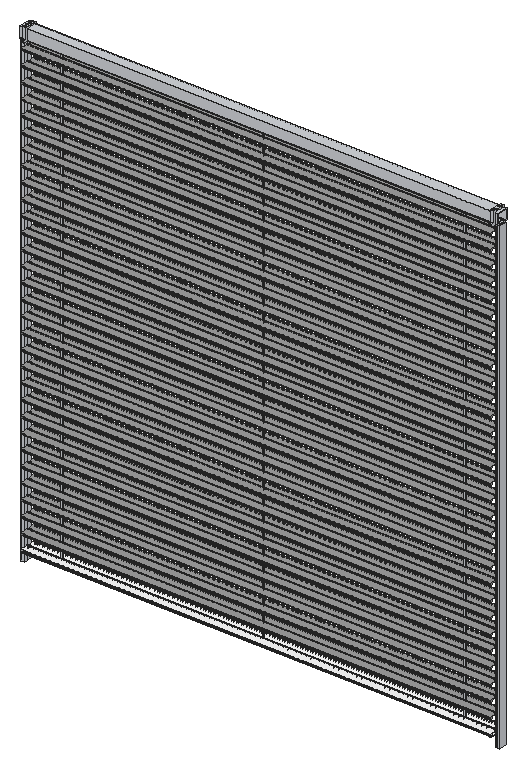
Revit family "Zline 90", category Modèles génériques, Revit 2020
Family settings
  Peut héberger une armature = Oui
  Cote de connecteur circulaire = Utiliser le diamètre
  Type d'élément = Normal
  Basée sur le plan de construction = Non
  Toujours verticalement = Oui
  Couper avec des vides une fois chargée = Non
  Partagée = Non
  Point de calcul de pièce = Non
Parameters
  inclinaison lame finale = 0.00°  # constant formula
  distance lame = if(Plié, 4 mm, 78 mm)  # 78 mm
  Plié = no
  Nombre ruban = if(and(Longueur_rail > 550 mm, Longueur_rail < 1400 mm), 2, if(and(Longueur_rail > 1401 mm, Longueur_rail < 2600 mm), 3, if(and(Longueur_rail > 2601 mm, Longueur_rail < 3800 mm), 4, if(and(Longueur_rail > 3801 mm, Longueur_rail < 4500 mm), 5, 5))))  # 3
  Nombre lame = roundup((Hauteur_coulisse - 50 mm) / 78 mm) - 1  # 30
  Nombre d'étrier = if(and(Longueur_rail > 550 mm, Longueur_rail < 1400 mm), 2, if(and(Longueur_rail > 1401 mm, Longueur_rail < 2600 mm), 3, if(and(Longueur_rail > 2601 mm, Longueur_rail < 3800 mm), 4, if(and(Longueur_rail > 3801 mm, Longueur_rail < 4500 mm), 5, 5))))  # 3
  Materiau = Aluminium
  Longueur_totale = if(and(Longueur souhaitée < Longueur mini), Longueur mini, if(and(Longueur souhaitée > Longueur Maxi), Longueur Maxi, Longueur souhaitée))  # 2500 mm
  Longueur_rail = (Longueur_totale - 10 mm)  # 2490 mm
  Longueur souhaitée = 2500 mm
  Longueur mini = 580 mm
  Longueur lame = (Longueur_totale - 50 mm)  # 2450 mm
  Longueur Maxi = 5000 mm
  Lame 90 = no
  Lame 45 = no
  Lame 0 = no
  Inclinaison lames = if(and(Lame 0), 82.00°, if(and(Lame 45), 45.00°, if(and(Lame 90), 0.00°, 0.00°)))  # 0.00°
  Hauteur_rail = (57 mm)  # 57 mm
  Hauteur_coulisse = (Hauteur_totale - 61 mm)  # 2439 mm
  Hauteur souhaitée = 2500 mm
  Hauteur ruban = if(Plié, 73 mm + (Nombre lame * 4 mm), (Hauteur_coulisse + 37 mm) - Distance lame finale)  # 2413 mm
  Hauteur mini = 500 mm  # constant formula
  Hauteur Maxi = 4500 mm  # constant formula
  Elévation par défaut = 0 mm
  Distance étrier = ((Longueur_rail - (248 mm * 2)) / (Nombre d'étrier - 1))  # 997 mm
  Hauteur_totale = if(and(Hauteur souhaitée < Hauteur mini), Hauteur mini, if(and(Hauteur souhaitée > Hauteur Maxi), Hauteur Maxi, Hauteur souhaitée))  # 2500 mm
  Distance ruban = ((Longueur lame - (175 mm * 2)) / (Nombre ruban - 1))  # 1050 mm
  Distance lame finale = if(and(Plié), Hauteur_coulisse - 36 mm - (Nombre lame * 4 mm), Hauteur_coulisse - 36 mm - (Nombre lame * 78 mm))  # 63 mm
Reference planes
  plane 1 "Centre (avant/arrière)": y = 0
  plane 2: z = 0
  plane 3 "Centre (gauche/droite)": x = 0
  plane 4: x = -1250
  plane 5: x = 1250
  plane 6: x = 1230
  plane 7: x = -1230
  plane 8: x = -1245
  plane 9: x = 1245
  plane 10: z = 2500
  plane 11: z = 2443
  plane 12: y = -29
  plane 13: y = 29
  plane 14: y = -80
  plane 15: y = 80
  plane 16: y = -20
  plane 17: y = 20
  plane 18: y = 20
  plane 19: y = -20
  plane 20: z = 2407
  plane 21: x = 1225
  plane 22: x = -1225
  plane 23: z = 2329
  plane 24: z = 63
  plane 25: z = 2480
  plane 26: x = -1050
  plane 27: x = 0
  plane 28: z = 67
  plane 29: x = 1250
  plane 30: x = -1250
  plane 31: z = 2500
Forms (mm)
  Sweep 1, solid
    path origin (0, 0, 0) x (1, 0, 0) y (0, 0, 1)
      loop
        line (1250, 0) -> (1250, 2439)
    profile origin (1250, 0, 1219.5) x (-1, 0, 0) y (0, -1, 0)
      loop
        line (18.5, -8.9) -> (18.5, -18.5) -> (15, -18.5)
        arc (15, -18.5) -> (14.25, -19.25) -> (15, -20) r 0.75
        line (15, -20) -> (20, -20) -> (20, -4.9) -> (15, -4.9) -> (15, -7.5) -> (1.5, -7.5) -> (1.5, 7.5) -> (15, 7.5) -> (15, 4.9) -> (20, 4.9) -> (20, 20) -> (0, 20) -> (0, -20) -> (5, -20)
        arc (5, -20) -> (5.75, -19.25) -> (5, -18.5) r 0.75
        line (5, -18.5) -> (1.5, -18.5) -> (1.5, -8.9) -> (18.5, -8.9)
      loop
        line (1.5, 8.9) -> (18.5, 8.9) -> (18.5, 18.5) -> (1.5, 18.5) -> (1.5, 8.9)
  Sweep 2, solid
    path origin (0, 0, 0) x (-1, 0, 0) y (0, 0, 1)
      loop
        line (1250, 0) -> (1250, 2439)
    profile origin (-1250, 0, 1219.5) x (-1, 0, 0) y (0, -1, 0)
      loop
        line (0, 20) -> (-20, 20) -> (-20, 4.9) -> (-15, 4.9) -> (-15, 7.5) -> (-1.4, 7.5) -> (-1.4, -7.5) -> (-15, -7.5) -> (-15, -4.9) -> (-20, -4.9) -> (-20, -20) -> (0, -20) -> (0, 20)
      loop
        line (-18.5, -8.9) -> (-18.5, -18.5) -> (-1.4, -18.5) -> (-1.4, -8.9) -> (-18.5, -8.9)
      loop
        line (-1.4, 8.9) -> (-1.4, 18.5) -> (-18.5, 18.5) -> (-18.5, 8.9) -> (-1.4, 8.9)
  Sweep 3, solid
    path origin (0, 0, 0) x (1, 0, 0) y (0, 0, 1)
      loop
        line (-1245, 2500) -> (1245, 2500)
    profile origin (0, 0, 2500) x (0, 0, 1) y (0, -1, 0)
      loop
        line (0, 29) -> (-54.4, 29)
        arc (-54.4, 29) -> (-56.238, 28.238) -> (-57, 26.4) r 2.6
        line (-57, 26.4) -> (-57, 25.5)
        arc (-57, 25.5) -> (-55.887, 22.813) -> (-53.2, 21.7) r 3.8
        line (-53.2, 21.7) -> (-50.3, 21.7) -> (-50.3, 22.7) -> (-53.2, 22.7)
        arc (-53.2, 22.7) -> (-55.18, 23.52) -> (-56, 25.5) r 2.8
        line (-56, 25.5) -> (-56, 26.4)
        arc (-56, 26.4) -> (-55.531, 27.531) -> (-54.4, 28) r 1.6
        line (-54.4, 28) -> (-1, 28) -> (-1, -28) -> (-54.4, -28)
        arc (-54.4, -28) -> (-55.531, -27.531) -> (-56, -26.4) r 1.6
        line (-56, -26.4) -> (-56, -25.5)
        arc (-56, -25.5) -> (-55.18, -23.52) -> (-53.2, -22.7) r 2.8
        line (-53.2, -22.7) -> (-50.3, -22.7) -> (-50.3, -21.7) -> (-53.2, -21.7)
        arc (-53.2, -21.7) -> (-55.887, -22.813) -> (-57, -25.5) r 3.8
        line (-57, -25.5) -> (-57, -26.4)
        arc (-57, -26.4) -> (-56.238, -28.238) -> (-54.4, -29) r 2.6
        line (-54.4, -29) -> (0, -29) -> (0, 29)
Dimensions and locks
  equal spacing: plane 5, plane 3 "Centre (gauche/droite)", plane 4
  "Longueur_totale": plane 5 to plane 4
  plane 7 to plane 4 = 20 mm
  plane 5 to plane 6 = 20 mm
  "Hauteur_coulisse": Sweep 1 sketch curve to Sweep 1 sketch curve
  "Hauteur_coulisse": Sweep 2 sketch curve to Sweep 2 sketch curve
  "Hauteur_totale": plane 10 to level
  "Hauteur_rail": plane 10 to plane 11
  equal spacing: plane 9, plane 3 "Centre (gauche/droite)", plane 8
  "Longueur_rail": plane 9 to plane 8
  plane 14 to plane 15 = 160 mm
  locked: plane 14 to plane 15 at 160
  locked: plane 11 to plane 20 at 36
  equal spacing: plane 21, plane 3 "Centre (gauche/droite)", plane 22
  "Longueur lame": plane 21 to plane 22
  equal spacing: group 1, group 2, group 3, group 4, group 7, group 8, group 9, group 10, group 11, group 12, group 13, group 14, group 15, group 16, group 17, group 18, group 19, group 20, group 21, group 22, group 23, group 24, group 25, group 26, group 27, group 28, group 29, group 30, group 31, group 32  (x2)
  equal spacing: group 32, group 31, group 30, group 29, group 28, group 27, group 26, group 25, group 24, group 23, group 22, group 21, group 20, group 19, group 18, group 17, group 16, group 15, group 14, group 13, group 12, group 11, group 10, group 9, group 8, group 7, group 4, group 3, group 2, group 1
  "distance lame": plane 20 to plane 23
  "Distance lame finale": plane 24 to level
  "Distance ruban": plane 27 to plane 26
  locked: plane 26 to plane 22 at 175
  locked: plane 10 to plane 25 at 20
  "Hauteur ruban": plane 25 to plane 28
  equal spacing: group 5, group 6, group 33  (x3)
  equal spacing: plane 29, plane 3 "Centre (gauche/droite)", plane 30
  "Longueur souhaitée": plane 29 to plane 30
  "Hauteur souhaitée": plane 31 to level
  aligned and locked: level to plane 2
  aligned and locked: plane 5 to Sweep 1 sketch curve
  aligned and locked: Sweep 1 sketch curve to plane 6
  aligned and locked: plane 6 to Sweep 1 sketch curve
  aligned and locked: profile plane to Sweep 2 sketch curve
  aligned and locked: Sweep 2 sketch curve to plane 7
  aligned and locked: plane 7 to Sweep 2 sketch curve
  aligned and locked: Sweep 3 sketch curve to plane 10  (x2)
  aligned and locked: Sweep 3 sketch curve to plane 13
  aligned and locked: plane 12 to Sweep 3 sketch curve
  aligned and locked: plane 11 to Sweep 3 sketch curve
  aligned and locked: Sweep 3 sketch curve to plane 11
  aligned and locked: Sweep 1 sketch curve to plane 17  (x2)
  aligned and locked: profile plane to Sweep 1 sketch curve
  aligned and locked: Sweep 1 sketch curve to plane 16
  aligned and locked: Sweep 2 sketch curve to plane 19
  aligned and locked: Sweep 2 sketch curve to plane 18
  aligned and locked: nested 1 to plane 10
  aligned and locked: plane 9 to nested 1
  aligned and locked: plane 8 to nested 2
  aligned and locked: plane 20 to nested 3
  aligned and locked: nested 3 to plane 22
  aligned and locked: plane 23 to nested 4
  aligned and locked: plane 10 to nested 2
  aligned and locked: nested 7 to plane 22
  aligned and locked: plane 21 to nested 7
  aligned and locked: nested 7 to plane 24
  aligned and locked: plane 26 to nested 8
  aligned and locked: plane 25 to nested 8
  aligned and locked: plane 28 to nested 8
  aligned and locked: plane 27 to nested 9
  aligned and locked: plane 25 to nested 9
  aligned and locked: plane 28 to nested 9
Automatic sketch dimensions
  Sweep 2 sketch curve to plane 1 "Centre (avant/arrière)" = 4.9 mm
  Sweep 2 sketch curve to Sweep 2 sketch curve = 0 mm  (x2)
  Sweep 2 sketch curve to Sweep 2 sketch curve = 5 mm
  Sweep 2 sketch curve to Sweep 2 sketch curve = 2.6 mm
  plane 1 "Centre (avant/arrière)" to Sweep 2 sketch curve = 4.9 mm
  plane 1 "Centre (avant/arrière)" to Sweep 2 sketch curve = 7.5 mm
  Sweep 2 sketch curve to Sweep 2 sketch curve = 4 mm  (x2)
  Sweep 3 sketch curve to plane 8 = 0 mm
  Sweep 3 sketch curve to plane 9 = 0 mm
  Sweep 3 sketch curve to Sweep 3 sketch curve = 0 mm  (x8)
  Sweep 3 sketch curve to Sweep 3 sketch curve = 1 mm  (x2)
  Sweep 3 sketch curve to Sweep 3 sketch curve = 1.6 mm
  Sweep 3 sketch curve to Sweep 3 sketch curve = 2.6 mm
  Sweep 3 sketch curve to Sweep 3 sketch curve = 2.8 mm
  Sweep 3 sketch curve to Sweep 3 sketch curve = 1.2 mm
  Sweep 3 sketch curve to Sweep 3 sketch curve = 2.9 mm  (x2)
  Sweep 3 sketch curve to Sweep 3 sketch curve = 0.9 mm
  Sweep 3 sketch curve to Sweep 3 sketch curve = 4.7 mm
  profile plane to Sweep 3 sketch curve = 1 mm
  Sweep 1 sketch curve to profile plane = 1.5 mm  (x2)
  Sweep 1 sketch curve to Sweep 1 sketch curve = 0 mm
  Sweep 1 sketch curve to plane 17 = 1.5 mm
  Sweep 1 sketch curve to Sweep 1 sketch curve = 3.5 mm
  Sweep 1 sketch curve to Sweep 1 sketch curve = 5 mm  (x3)
  Sweep 1 sketch curve to plane 17 = 0.75 mm
  Sweep 1 sketch curve to Sweep 1 sketch curve = 1.5 mm  (x2)
  Sweep 1 sketch curve to plane 1 "Centre (avant/arrière)" = 8.9 mm
  Sweep 1 sketch curve to Sweep 1 sketch curve = 1.4 mm  (x2)
  Sweep 1 sketch curve to Sweep 1 sketch curve = 2.6 mm  (x2)
  plane 1 "Centre (avant/arrière)" to Sweep 1 sketch curve = 4.9 mm
  plane 16 to Sweep 1 sketch curve = 1.5 mm
  Sweep 2 sketch curve to plane 18 = 1.5 mm
  Sweep 2 sketch curve to Sweep 2 sketch curve = 1.5 mm  (x2)
  plane 19 to Sweep 2 sketch curve = 1.5 mm
  profile plane to Sweep 2 sketch curve = 1.4 mm  (x2)
  Sweep 1 sketch curve to level = 0 mm
  Sweep 2 sketch curve to plane 4 = 0 mm
  Sweep 2 sketch curve to level = 0 mm
Nested families
  nested 1: "Etrier 1" at (1219.835, 0, 2441.182), type "Etrier 1"
  nested 2: "Etrier 1" at (-1219.835, 0, 2441.182) x (-1, 0, 0) z (0, 0, 1), type "Etrier 1"
  nested 3: "Lame" at (0, 0, 2402.56), type "Lame"
    with Width 2450 mm, O 0.00°
  nested 4: "Lame" at (0, 0, 2324.56), type "Lame"
    with Width 2450 mm, O 0.00°
  nested 5: "Lame" at (0, 0, 2246.56), type "Lame"
    with Width 2450 mm, O 0.00°
  nested 6: "Lame" at (0, 0, 2168.56), type "Lame"
    with Width 2450 mm, O 0.00°
  nested 7: "Lame finale" at (0, 0, 63), type "Lame finale"
    with Width 2450 mm, O 0.00°
  nested 8: "ruban" at (-1050, 0, 2230), type "ruban"
    with Hauteur ruban 2413 mm
  nested 9: "ruban" at (0, 0, 2230), type "ruban"
    with Hauteur ruban 2413 mm
  nested 10: "Lame" at (0, 0, 2090.56), type "Lame"
    with Width 2450 mm, O 0.00°
  nested 11: "Lame" at (0, 0, 2012.56), type "Lame"
    with Width 2450 mm, O 0.00°
  nested 12: "Lame" at (0, 0, 1934.56), type "Lame"
    with Width 2450 mm, O 0.00°
  nested 13: "Lame" at (0, 0, 1856.56), type "Lame"
    with Width 2450 mm, O 0.00°
  nested 14: "Lame" at (0, 0, 1778.56), type "Lame"
    with Width 2450 mm, O 0.00°
  nested 15: "Lame" at (0, 0, 1700.56), type "Lame"
    with Width 2450 mm, O 0.00°
  nested 16: "Lame" at (0, 0, 1622.56), type "Lame"
    with Width 2450 mm, O 0.00°
  nested 17: "Lame" at (0, 0, 1544.56), type "Lame"
    with Width 2450 mm, O 0.00°
  nested 18: "Lame" at (0, 0, 1466.56), type "Lame"
    with Width 2450 mm, O 0.00°
  nested 19: "Lame" at (0, 0, 1388.56), type "Lame"
    with Width 2450 mm, O 0.00°
  nested 20: "Lame" at (0, 0, 1310.56), type "Lame"
    with Width 2450 mm, O 0.00°
  nested 21: "Lame" at (0, 0, 1232.56), type "Lame"
    with Width 2450 mm, O 0.00°
  nested 22: "Lame" at (0, 0, 1154.56), type "Lame"
    with Width 2450 mm, O 0.00°
  nested 23: "Lame" at (0, 0, 1076.56), type "Lame"
    with Width 2450 mm, O 0.00°
  nested 24: "Lame" at (0, 0, 998.56), type "Lame"
    with Width 2450 mm, O 0.00°
  nested 25: "Lame" at (0, 0, 920.56), type "Lame"
    with Width 2450 mm, O 0.00°
  nested 26: "Lame" at (0, 0, 842.56), type "Lame"
    with Width 2450 mm, O 0.00°
  nested 27: "Lame" at (0, 0, 764.56), type "Lame"
    with Width 2450 mm, O 0.00°
  nested 28: "Lame" at (0, 0, 686.56), type "Lame"
    with Width 2450 mm, O 0.00°
  nested 29: "Lame" at (0, 0, 608.56), type "Lame"
    with Width 2450 mm, O 0.00°
  nested 30: "Lame" at (0, 0, 530.56), type "Lame"
    with Width 2450 mm, O 0.00°
  nested 31: "Lame" at (0, 0, 452.56), type "Lame"
    with Width 2450 mm, O 0.00°
  nested 32: "Lame" at (0, 0, 374.56), type "Lame"
    with Width 2450 mm, O 0.00°
  nested 33: "Lame" at (0, 0, 296.56), type "Lame"
    with Width 2450 mm, O 0.00°
  nested 34: "Lame" at (0, 0, 218.56), type "Lame"
    with Width 2450 mm, O 0.00°
  nested 35: "Lame" at (0, 0, 140.56), type "Lame"
    with Width 2450 mm, O 0.00°
  nested 36: "ruban" at (1050, 0, 2230), type "ruban"
    with Hauteur ruban 2413 mm
Definition of nested family "Etrier 1"
  Parameters (values of type "Etrier 1")
    Matériau étrier = none
    Default Elevation = 0 mm
  Reference planes
    plane 1 "Centre (avant/arrière)": y = 0
    plane 2: z = 0
    plane 3 "Centre (gauche/droite)": x = 0
    plane 4: z = 65.7
    plane 5: y = 31.7
    plane 6: y = -31.7
    plane 7: x = 9
    plane 8: x = -9
    plane 9: z = -115.8
    plane 10: z = 49.2
  Forms (mm)
    Sweep 1, solid
      path origin (0, 0, 0) x (1, 0, 0) y (0, 0, 1)
        loop
          line (-9, 65.7) -> (9, 65.7)
      profile origin (0, 0, 65.7) x (0, 0, 1) y (0, -1, 0)
        loop
          line (-56.973, 44.376) -> (-59.264, 44.376) -> (-59.264, 39.496) -> (-63.318, 39.496) -> (-63.318, 44.376) -> (-65.7, 44.376) -> (-65.7, -44.351) -> (-63.503, -44.351) -> (-63.503, -39.573) -> (-61.502, -39.573) -> (-61.502, -44.351) -> (-59.228, -44.351) -> (-59.228, -31.7) -> (0, -31.7) -> (0, -22.611) -> (-4.582, -18.422) -> (-4.582, -14.421) -> (0, -10.386) -> (0, 10.355) -> (-4.582, 14.39) -> (-4.582, 18.586) -> (0, 22.775) -> (0, 31.7) -> (-56.973, 31.7) -> (-56.973, 44.376)
        loop
          line (-2.3, 29.4) -> (-59.247, 29.4) -> (-59.247, 35.089) -> (-63.318, 35.089) -> (-63.318, -35.092) -> (-61.502, -35.092) -> (-61.502, -29.4) -> (-2.3, -29.4) -> (-2.3, -23.625) -> (-6.882, -19.435) -> (-6.882, -13.381) -> (-2.3, -9.346) -> (-2.3, 9.316) -> (-6.882, 13.351) -> (-6.882, 19.6) -> (-2.3, 23.789) -> (-2.3, 29.4)
    Extrusion 2, solid
      sketch origin (-9, -35.089, 2.382) x (1, 0, 0) y (0, 1, 0)
        loop
          line (18, 15.101) -> (34.165, 15.101) -> (34.165, 55.101) -> (18, 55.101) -> (18, 15.101)
      from 0 to -2.3
    Extrusion 3, solid
      sketch origin (-9, -35.089, 0.082) x (0, 1, 0) y (1, 0, 0)
        loop
          line (19.101, 34.165) -> (19.101, 27.165) -> (26.101, 27.165) -> (26.101, 34.165) -> (19.101, 34.165)
        loop
          line (51.101, 34.165) -> (44.101, 34.165) -> (44.101, 27.165) -> (51.101, 27.165) -> (51.101, 34.165)
      from 0 to 40
  Dimensions and locks
    locked: plane 4 to level at 65.7
    equal spacing: plane 6, plane 1 "Centre (avant/arrière)", plane 5
    locked: plane 6 to plane 5 at 63.4
    locked: plane 7 to plane 8 at 18
    equal spacing: plane 7, plane 3 "Centre (gauche/droite)", plane 8
    Sweep 1 sketch curve to Sweep 1 sketch curve = 4.198 mm
    Extrusion 2 sketch curve to Extrusion 2 sketch curve = 40 mm
    Sweep 1 to Extrusion 2 sketch curve = 24.339 mm
    Sweep 1 to Extrusion 2 sketch curve = 24.388 mm
    aligned and locked: level to plane 2
    aligned and locked: plane 7 to Sweep 1 sketch curve
    aligned and locked: plane 8 to Sweep 1 sketch curve
    aligned and locked: Sweep 1 sketch curve to plane 4  (x2)
    aligned and locked: Sweep 1 sketch curve to plane 5
    aligned and locked: profile plane to Sweep 1 sketch curve
    aligned and locked: Sweep 1 sketch curve to plane 6
    aligned and locked: level to Sweep 1 sketch curve
    aligned and locked: Extrusion 2 to Extrusion 3 sketch curve
  Automatic sketch dimensions
    Sweep 1 sketch curve to plane 4 = 0 mm
    Sweep 1 sketch curve to Sweep 1 sketch curve = 2.382 mm
    Sweep 1 sketch curve to Sweep 1 sketch curve = 1.816 mm
    Sweep 1 sketch curve to Sweep 1 sketch curve = 0 mm  (x3)
    Sweep 1 sketch curve to Sweep 1 sketch curve = 4.054 mm
    Sweep 1 sketch curve to Sweep 1 sketch curve = 4.071 mm
    Sweep 1 sketch curve to Sweep 1 sketch curve = 2.274 mm  (x2)
    profile plane to Sweep 1 sketch curve = 6.882 mm  (x2)
    Sweep 1 sketch curve to Sweep 1 sketch curve = 2.3 mm  (x4)
    profile plane to Sweep 1 sketch curve = 2.3 mm  (x3)
    Sweep 1 sketch curve to Sweep 1 sketch curve = 3.392 mm
    Sweep 1 sketch curve to Sweep 1 sketch curve = 4.48 mm
    Sweep 1 sketch curve to Sweep 1 sketch curve = 4.778 mm
    Sweep 1 sketch curve to Sweep 1 sketch curve = 5.775 mm
    Sweep 1 sketch curve to Sweep 1 sketch curve = 1.014 mm  (x4)
    Sweep 1 sketch curve to Sweep 1 sketch curve = 4.189 mm  (x2)
    Sweep 1 sketch curve to Sweep 1 sketch curve = 4.001 mm
    Sweep 1 sketch curve to Sweep 1 sketch curve = 1.039 mm  (x4)
    Sweep 1 sketch curve to Sweep 1 sketch curve = 4.035 mm  (x2)
    profile plane to Sweep 1 sketch curve = 9.316 mm
    Sweep 1 sketch curve to Sweep 1 sketch curve = 4.196 mm
    Sweep 1 sketch curve to Sweep 1 sketch curve = 5.689 mm
    Sweep 1 sketch curve to Sweep 1 sketch curve = 4.407 mm
    Sweep 1 sketch curve to Sweep 1 sketch curve = 4.88 mm
    Sweep 1 sketch curve to Sweep 1 sketch curve = 2.001 mm
    Extrusion 2 sketch curve to Sweep 1 = 0 mm
    Extrusion 2 sketch curve to Sweep 1 = 16.165 mm
    Extrusion 3 sketch curve to Extrusion 2 = 0 mm
    Extrusion 2 to Extrusion 3 sketch curve = 4 mm  (x2)
    Extrusion 3 sketch curve to Extrusion 3 sketch curve = 7 mm  (x2)
    Extrusion 2 to Extrusion 3 sketch curve = 11 mm
    Extrusion 2 to Extrusion 3 sketch curve = 7 mm
Definition of nested family "Lame"
  Parameters (values of type "Lame")
    Width = 747 mm
    O = 1.00°
    Lame = none
    Define Thermal Properties by = 1
  Reference planes
    plane 1 "Center (Front/Back)": y = 0
    plane 2: z = 0
    plane 3 "Center (Left/Right)": x = 0
    plane 4: x = -373.5
    plane 5: x = 373.5
  Forms (mm)
    Extrusion 1, solid, material <- "Lame"
      sketch origin (0, 0, 0) x (0, 0.999848, 0.017452) y (0, -0.017452, 0.999848)
        loop
          arc (-46.571, 4.714) -> (-46.928, 1.409) -> (-44.675, 3.853) r 1.75
          line (-44.675, 3.853) -> (-45.549, 3.367)
          arc (-45.549, 3.367) -> (-46.518, 2.321) -> (-46.355, 3.737) r 0.75
          arc (-46.355, 3.737) -> (-26.542, 7.503) -> (-6.489, 9.652) r 248.959
          line (-6.489, 9.652) -> (1.003, 4.022)
          arc (1.003, 4.022) -> (2.102, 3.504) -> (3.315, 3.464) r 3
          arc (3.315, 3.464) -> (19.303, 7.891) -> (35.544, 11.269) r 255.093
          arc (35.544, 11.269) -> (36.23, 11.141) -> (36.665, 10.596) r 0.998
          line (36.665, 10.596) -> (38.83, 3.975)
          arc (38.83, 3.975) -> (40.11, 2.474) -> (42.046, 2.092) r 3.001
          line (42.046, 2.092) -> (43.037, 2.232)
          arc (43.037, 2.232) -> (43.773, 0.445) -> (42.269, 1.659) r 0.998
          line (42.269, 1.659) -> (41.36, 2.074)
          arc (41.36, 2.074) -> (44.371, -0.357) -> (42.898, 3.222) r 1.998
          line (42.898, 3.222) -> (41.906, 3.082)
          arc (41.906, 3.082) -> (40.626, 3.331) -> (39.771, 4.315) r 2.001
          line (39.771, 4.315) -> (37.615, 10.907)
          arc (37.615, 10.907) -> (36.745, 11.998) -> (35.373, 12.254) r 1.998
          arc (35.373, 12.254) -> (19.103, 8.871) -> (3.087, 4.44) r 256.093
          arc (3.087, 4.44) -> (2.307, 4.484) -> (1.604, 4.822) r 2
          line (1.604, 4.822) -> (-5.591, 10.228)
          arc (-5.591, 10.228) -> (-6.224, 10.547) -> (-6.928, 10.625) r 2
          arc (-6.928, 10.625) -> (-26.868, 8.465) -> (-46.571, 4.714) r 249.959
      from -373.5 to 373.5
  Lines and regions (mm)
    reference lines
      curve 1: line (0, 0, 0) -> (0, 39.994, 0.698)
  Dimensions and locks
    equal spacing: plane 4, plane 3 "Center (Left/Right)", plane 5
    "Width": plane 4 to plane 5
    "O": angle curve 1 to level
    aligned and locked: plane 5 to Extrusion 1
    aligned and locked: plane 4 to Extrusion 1
    aligned and locked: level to curve 1
    aligned and locked: plane 1 "Center (Front/Back)" to curve 1
  Automatic sketch dimensions
    Extrusion 1 sketch curve to Extrusion 1 sketch curve = 0 mm  (x14)
    Extrusion 1 sketch curve to curve 1 = 46.205 mm
    Extrusion 1 sketch curve to Extrusion 1 sketch curve = 0.655 mm
    Extrusion 1 sketch curve to Extrusion 1 sketch curve = 0.874 mm
    Extrusion 1 sketch curve to curve 1 = 46.793 mm
    Extrusion 1 sketch curve to Extrusion 1 sketch curve = 0.304 mm
    Extrusion 1 sketch curve to Extrusion 1 sketch curve = 0.898 mm
    Extrusion 1 sketch curve to curve 1 = 4.022 mm
    Extrusion 1 sketch curve to curve 1 = 38.997 mm
    Extrusion 1 sketch curve to curve 1 = 4.822 mm
    Extrusion 1 sketch curve to Extrusion 1 sketch curve = 0.601 mm
    Extrusion 1 sketch curve to Extrusion 1 sketch curve = 1.201 mm
    Extrusion 1 sketch curve to curve 1 = 30.005 mm
    Extrusion 1 sketch curve to curve 1 = 10.286 mm
    Extrusion 1 sketch curve to Extrusion 1 sketch curve = 32.91 mm
    Extrusion 1 sketch curve to curve 1 = 10.596 mm
    Extrusion 1 sketch curve to Extrusion 1 sketch curve = 0.949 mm
    Extrusion 1 sketch curve to curve 1 = 10.907 mm
    Extrusion 1 sketch curve to Extrusion 1 sketch curve = 0.95 mm
    Extrusion 1 sketch curve to curve 1 = 3.975 mm
    Extrusion 1 sketch curve to Extrusion 1 sketch curve = 2.166 mm
    Extrusion 1 sketch curve to curve 1 = 4.315 mm
    Extrusion 1 sketch curve to Extrusion 1 sketch curve = 0.941 mm
    Extrusion 1 sketch curve to curve 1 = 2.074 mm
    Extrusion 1 sketch curve to Extrusion 1 sketch curve = 1.589 mm
    Extrusion 1 sketch curve to Extrusion 1 sketch curve = 1.855 mm
    Extrusion 1 sketch curve to curve 1 = 3.082 mm
    Extrusion 1 sketch curve to curve 1 = 2.092 mm
    Extrusion 1 sketch curve to curve 1 = 1.659 mm
    Extrusion 1 sketch curve to Extrusion 1 sketch curve = 0.223 mm
    Extrusion 1 sketch curve to curve 1 = 3.222 mm
    Extrusion 1 sketch curve to Extrusion 1 sketch curve = 0.991 mm
    Extrusion 1 sketch curve to curve 1 = 2.232 mm
    Extrusion 1 sketch curve to curve 1 = 1.244 mm
    Extrusion 1 sketch curve to Extrusion 1 sketch curve = 69.346 mm
    Extrusion 1 sketch curve to curve 1 = 238.761 mm
    Extrusion 1 sketch curve to Extrusion 1 sketch curve = 1.275 mm
    curve 1 to Extrusion 1 sketch curve = 3.002 mm
    Extrusion 1 sketch curve to Extrusion 1 sketch curve = 0.364 mm
    Extrusion 1 sketch curve to Extrusion 1 sketch curve = 0.486 mm
    Extrusion 1 sketch curve to Extrusion 1 sketch curve = 1.599 mm
    Extrusion 1 sketch curve to Extrusion 1 sketch curve = 1.023 mm
    Extrusion 1 sketch curve to Extrusion 1 sketch curve = 0.576 mm
    Extrusion 1 sketch curve to Extrusion 1 sketch curve = 0.216 mm
    Extrusion 1 sketch curve to Extrusion 1 sketch curve = 1.483 mm
    Extrusion 1 sketch curve to Extrusion 1 sketch curve = 0.228 mm
Definition of nested family "Lame finale"
  Parameters (values of type "Lame finale")
    Width = 747 mm
    O = 1.00°
    Lame = none
    Define Thermal Properties by = 1
  Reference planes
    plane 1 "Center (Front/Back)": y = 0
    plane 2: z = 0
    plane 3 "Center (Left/Right)": x = 0
    plane 4: x = -373.5
    plane 5: x = 373.5
  Forms (mm)
    Extrusion 1, solid, material <- "Lame"
      sketch origin (0, 0, 0) x (0, 0.999848, 0.017452) y (0, -0.017452, 0.999848)
        loop
          arc (-46.571, 4.714) -> (-46.928, 1.409) -> (-44.675, 3.853) r 1.75
          line (-44.675, 3.853) -> (-45.549, 3.367)
          arc (-45.549, 3.367) -> (-46.518, 2.321) -> (-46.355, 3.737) r 0.75
          arc (-46.355, 3.737) -> (-26.542, 7.503) -> (-6.489, 9.652) r 248.959
          line (-6.489, 9.652) -> (1.003, 4.022)
          arc (1.003, 4.022) -> (2.102, 3.504) -> (3.315, 3.464) r 3
          arc (3.315, 3.464) -> (19.303, 7.891) -> (35.544, 11.269) r 255.093
          arc (35.544, 11.269) -> (36.23, 11.141) -> (36.665, 10.596) r 0.998
          line (36.665, 10.596) -> (38.83, 3.975)
          arc (38.83, 3.975) -> (40.11, 2.474) -> (42.046, 2.092) r 3.001
          line (42.046, 2.092) -> (43.037, 2.232)
          arc (43.037, 2.232) -> (43.773, 0.445) -> (42.269, 1.659) r 0.998
          line (42.269, 1.659) -> (41.36, 2.074)
          arc (41.36, 2.074) -> (44.371, -0.357) -> (42.898, 3.222) r 1.998
          line (42.898, 3.222) -> (41.906, 3.082)
          arc (41.906, 3.082) -> (40.626, 3.331) -> (39.771, 4.315) r 2.001
          line (39.771, 4.315) -> (37.615, 10.907)
          arc (37.615, 10.907) -> (36.745, 11.998) -> (35.373, 12.254) r 1.998
          arc (35.373, 12.254) -> (19.103, 8.871) -> (3.087, 4.44) r 256.093
          arc (3.087, 4.44) -> (2.307, 4.484) -> (1.604, 4.822) r 2
          line (1.604, 4.822) -> (-5.591, 10.228)
          arc (-5.591, 10.228) -> (-6.224, 10.547) -> (-6.928, 10.625) r 2
          arc (-6.928, 10.625) -> (-26.868, 8.465) -> (-46.571, 4.714) r 249.959
        loop
          line (-43.343, 2.525) -> (-43.36, 1.56)
          arc (-43.36, 1.56) -> (-43.71, 0.809) -> (-44.503, 0.566) r 1.019
          line (-44.503, 0.566) -> (-46.524, 0.602)
          arc (-46.524, 0.602) -> (-47.396, 0.098) -> (-47.361, -0.907) r 0.977
          line (-47.361, -0.907) -> (-43.424, -8.238)
          arc (-43.424, -8.238) -> (-43.069, -8.617) -> (-42.572, -8.77) r 1.012
          line (-42.572, -8.77) -> (38.848, -10.191)
          arc (38.848, -10.191) -> (39.35, -10.055) -> (39.718, -9.689) r 1.012
          line (39.718, -9.689) -> (43.908, -2.5)
          arc (43.908, -2.5) -> (43.978, -1.497) -> (43.125, -0.963) r 0.977
          line (43.125, -0.963) -> (41.104, -0.928)
          arc (41.104, -0.928) -> (40.32, -0.658) -> (39.996, 0.105) r 1.019
          line (39.996, 0.105) -> (40.013, 1.07) -> (38.323, 1.1) -> (38.303, -0.053)
          arc (38.303, -0.053) -> (39.338, -2.258) -> (41.717, -2.789) r 2.765
          line (41.717, -2.789) -> (38.428, -8.43) -> (4.172, -7.832) -> (4.286, -1.332) -> (5.519, -1.594)
          arc (5.519, -1.594) -> (6.081, -1.482) -> (5.935, -0.928) r 0.393
          line (5.935, -0.928) -> (3.112, 0.156) -> (2.973, -7.811) -> (-4.636, -7.679) -> (-4.497, 0.289) -> (-7.356, -0.696)
          arc (-7.356, -0.696) -> (-7.521, -1.244) -> (-6.963, -1.376) r 0.393
          line (-6.963, -1.376) -> (-5.722, -1.157) -> (-5.835, -7.658) -> (-42.091, -7.025) -> (-45.18, -1.272)
          arc (-45.18, -1.272) -> (-42.785, -0.825) -> (-41.674, 1.343) r 2.765
          line (-41.674, 1.343) -> (-41.653, 2.496) -> (-43.343, 2.525)
      from -373.5 to 373.5
  Lines and regions (mm)
    reference lines
      curve 1: line (0, 0, 0) -> (0, 39.994, 0.698)
  Dimensions and locks
    equal spacing: plane 4, plane 3 "Center (Left/Right)", plane 5
    "Width": plane 4 to plane 5
    "O": angle curve 1 to level
    aligned and locked: plane 5 to Extrusion 1
    aligned and locked: plane 4 to Extrusion 1
    aligned and locked: level to curve 1
    aligned and locked: plane 1 "Center (Front/Back)" to curve 1
  Automatic sketch dimensions
    Extrusion 1 sketch curve to Extrusion 1 sketch curve = 0 mm  (x14)
    Extrusion 1 sketch curve to curve 1 = 3.002 mm
    Extrusion 1 sketch curve to curve 1 = 46.205 mm
    Extrusion 1 sketch curve to curve 1 = 3.367 mm
    Extrusion 1 sketch curve to Extrusion 1 sketch curve = 0.655 mm
    Extrusion 1 sketch curve to curve 1 = 3.853 mm
    Extrusion 1 sketch curve to Extrusion 1 sketch curve = 0.874 mm  (x2)
    Extrusion 1 sketch curve to curve 1 = 6.793 mm
    Extrusion 1 sketch curve to Extrusion 1 sketch curve = 0.304 mm
    Extrusion 1 sketch curve to Extrusion 1 sketch curve = 0.898 mm
    Extrusion 1 sketch curve to curve 1 = 47.361 mm
    Extrusion 1 sketch curve to curve 1 = 46.541 mm
    Extrusion 1 sketch curve to curve 1 = 46.524 mm
    curve 1 to Extrusion 1 sketch curve = 1.003 mm
    Extrusion 1 sketch curve to curve 1 = 45.18 mm
    Extrusion 1 sketch curve to Extrusion 1 sketch curve = 0.601 mm
    Extrusion 1 sketch curve to curve 1 = 44.503 mm
    Extrusion 1 sketch curve to Extrusion 1 sketch curve = 0.065 mm
    Extrusion 1 sketch curve to Extrusion 1 sketch curve = 0.059 mm
    Extrusion 1 sketch curve to curve 1 = 43.424 mm
    Extrusion 1 sketch curve to Extrusion 1 sketch curve = 1.201 mm
    Extrusion 1 sketch curve to curve 1 = 1.56 mm
    Extrusion 1 sketch curve to Extrusion 1 sketch curve = 1.019 mm  (x2)
    Extrusion 1 sketch curve to curve 1 = 2.525 mm
    Extrusion 1 sketch curve to Extrusion 1 sketch curve = 0.017 mm  (x2)
    Extrusion 1 sketch curve to Extrusion 1 sketch curve = 0.852 mm
    Extrusion 1 sketch curve to Extrusion 1 sketch curve = 0.891 mm
    Extrusion 1 sketch curve to Extrusion 1 sketch curve = 0.442 mm
    Extrusion 1 sketch curve to curve 1 = 1.343 mm
    Extrusion 1 sketch curve to Extrusion 1 sketch curve = 1.686 mm
    curve 1 to Extrusion 1 sketch curve = 9.995 mm
    Extrusion 1 sketch curve to curve 1 = 4.284 mm
    Extrusion 1 sketch curve to Extrusion 1 sketch curve = 0.949 mm
    Extrusion 1 sketch curve to Extrusion 1 sketch curve = 0.95 mm
    Extrusion 1 sketch curve to curve 1 = 1.17 mm
    Extrusion 1 sketch curve to curve 1 = 47.356 mm
    Extrusion 1 sketch curve to Extrusion 1 sketch curve = 0.176 mm
    Extrusion 1 sketch curve to Extrusion 1 sketch curve = 0.217 mm
    Extrusion 1 sketch curve to curve 1 = 0.229 mm
    Extrusion 1 sketch curve to curve 1 = 45.835 mm
    Extrusion 1 sketch curve to curve 1 = 45.722 mm
    curve 1 to Extrusion 1 sketch curve = 1.36 mm
    Extrusion 1 sketch curve to Extrusion 1 sketch curve = 1.2 mm  (x2)
    curve 1 to Extrusion 1 sketch curve = 1.627 mm
    Extrusion 1 sketch curve to curve 1 = 44.497 mm
    Extrusion 1 sketch curve to Extrusion 1 sketch curve = 0.546 mm
    Extrusion 1 sketch curve to Extrusion 1 sketch curve = 0.686 mm
    Extrusion 1 sketch curve to Extrusion 1 sketch curve = 0.223 mm
    Extrusion 1 sketch curve to Extrusion 1 sketch curve = 0.991 mm
    Extrusion 1 sketch curve to Extrusion 1 sketch curve = 0.768 mm
    Extrusion 1 sketch curve to Extrusion 1 sketch curve = 0.907 mm
    Extrusion 1 sketch curve to Extrusion 1 sketch curve = 7.608 mm
    Extrusion 1 sketch curve to curve 1 = 0.156 mm
    Extrusion 1 sketch curve to Extrusion 1 sketch curve = 40.065 mm
    curve 1 to Extrusion 1 sketch curve = 1.332 mm
    Extrusion 1 sketch curve to Extrusion 1 sketch curve = 1.174 mm
    curve 1 to Extrusion 1 sketch curve = 1.594 mm
    Extrusion 1 sketch curve to Extrusion 1 sketch curve = 1.233 mm
    Extrusion 1 sketch curve to Extrusion 1 sketch curve = 0.228 mm  (x2)
    curve 1 to Extrusion 1 sketch curve = 0.928 mm  (x2)
    Extrusion 1 sketch curve to Extrusion 1 sketch curve = 0.188 mm
    curve 1 to Extrusion 1 sketch curve = 39.341 mm
    curve 1 to Extrusion 1 sketch curve = 0.053 mm
    Extrusion 1 sketch curve to curve 1 = 1.1 mm
    Extrusion 1 sketch curve to Extrusion 1 sketch curve = 0.02 mm
    curve 1 to Extrusion 1 sketch curve = 8.43 mm
    Extrusion 1 sketch curve to Extrusion 1 sketch curve = 0.125 mm
    Extrusion 1 sketch curve to Extrusion 1 sketch curve = 0.416 mm  (x2)
    curve 1 to Extrusion 1 sketch curve = 9.689 mm
    Extrusion 1 sketch curve to curve 1 = 0.105 mm
    Extrusion 1 sketch curve to Extrusion 1 sketch curve = 1.693 mm
    Extrusion 1 sketch curve to Extrusion 1 sketch curve = 0.053 mm
    Extrusion 1 sketch curve to Extrusion 1 sketch curve = 0.036 mm
    curve 1 to Extrusion 1 sketch curve = 2.789 mm
    Extrusion 1 sketch curve to Extrusion 1 sketch curve = 0.613 mm
    Extrusion 1 sketch curve to Extrusion 1 sketch curve = 1.391 mm
    curve 1 to Extrusion 1 sketch curve = 0.963 mm
    curve 1 to Extrusion 1 sketch curve = 2.5 mm
    Extrusion 1 sketch curve to Extrusion 1 sketch curve = 0.8 mm
    Extrusion 1 sketch curve to curve 1 = 238.761 mm
    Extrusion 1 sketch curve to curve 1 = 240.036 mm
    Extrusion 1 sketch curve to Extrusion 1 sketch curve = 0.749 mm
    Extrusion 1 sketch curve to curve 1 = 8.77 mm
    Extrusion 1 sketch curve to Extrusion 1 sketch curve = 0.532 mm
    Extrusion 1 sketch curve to Extrusion 1 sketch curve = 0.021 mm
    Extrusion 1 sketch curve to curve 1 = 7.658 mm
    Extrusion 1 sketch curve to Extrusion 1 sketch curve = 0.734 mm
    Extrusion 1 sketch curve to curve 1 = 1.376 mm
    Extrusion 1 sketch curve to curve 1 = 1.272 mm
    Extrusion 1 sketch curve to Extrusion 1 sketch curve = 0.328 mm
    Extrusion 1 sketch curve to curve 1 = 0.907 mm
    Extrusion 1 sketch curve to curve 1 = 0.375 mm
    Extrusion 1 sketch curve to Extrusion 1 sketch curve = 0.825 mm
    Extrusion 1 sketch curve to curve 1 = 1.244 mm
    Extrusion 1 sketch curve to Extrusion 1 sketch curve = 0.415 mm
    Extrusion 1 sketch curve to Extrusion 1 sketch curve = 0.433 mm
    Extrusion 1 sketch curve to Extrusion 1 sketch curve = 0.99 mm
    curve 1 to Extrusion 1 sketch curve = 4.022 mm
    Extrusion 1 sketch curve to Extrusion 1 sketch curve = 0.799 mm
    Extrusion 1 sketch curve to Extrusion 1 sketch curve = 1.599 mm
    Extrusion 1 sketch curve to Extrusion 1 sketch curve = 1.023 mm
    Extrusion 1 sketch curve to Extrusion 1 sketch curve = 0.576 mm
    curve 1 to Extrusion 1 sketch curve = 10.286 mm
    Extrusion 1 sketch curve to Extrusion 1 sketch curve = 0.31 mm
    Extrusion 1 sketch curve to Extrusion 1 sketch curve = 0.311 mm
    Extrusion 1 sketch curve to Extrusion 1 sketch curve = 0.216 mm
    Extrusion 1 sketch curve to Extrusion 1 sketch curve = 1.483 mm
    Extrusion 1 sketch curve to Extrusion 1 sketch curve = 0.87 mm
    Extrusion 1 sketch curve to Extrusion 1 sketch curve = 2.38 mm
Definition of nested family "ruban"
  Parameters (values of type "ruban")
    Hauteur ruban = 500 mm
    Default Elevation = 0 mm
  Reference planes
    plane 1 "Centre (avant/arrière)": y = 0
    plane 2: z = 0
    plane 3 "Centre (gauche/droite)": x = 0
    plane 4: z = 250
    plane 5: z = -250
  Forms (mm)
    Extrusion 1, solid
      sketch origin (0, 0, 0) x (1, 0, 0) y (0, 1, 0)
        loop
          circle (0, 0) r 4
      from -250 to 250
  Dimensions and locks
    "Hauteur ruban": plane 4 to plane 5
    aligned and locked: level to plane 2
    aligned and locked: plane 4 to Extrusion 1
    aligned and locked: Extrusion 1 to plane 5
  Automatic sketch dimensions
    plane 1 "Centre (avant/arrière)" to Extrusion 1 sketch curve = 0 mm
    Extrusion 1 sketch curve to plane 3 "Centre (gauche/droite)" = 0 mm
    radius of Extrusion 1 sketch curve = 4 mm
